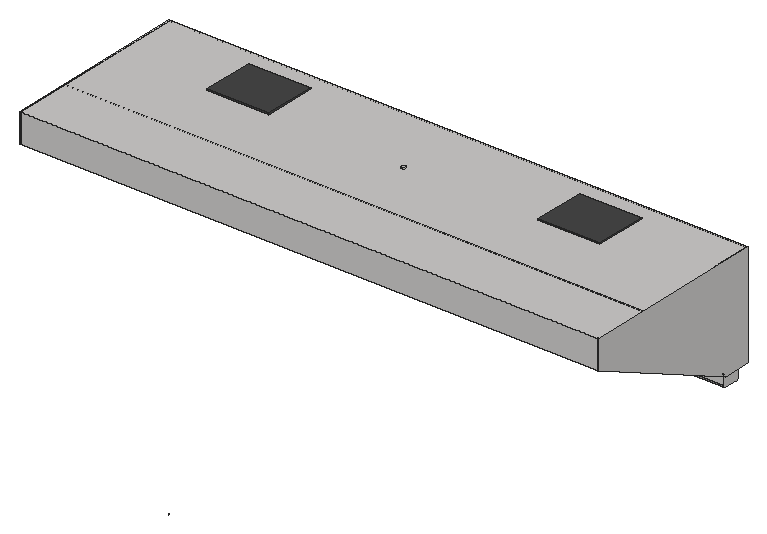
Revit family "QF_ELECTROLUXPROFESSIONAL_644187_AMPV928BT", category Specialty Equipment, Revit 2014
Reference planes
  plane 1: z = 0
  plane 2 "Center (Left/Right)": x = 150
  plane 3 "LEFT": x = -1250
  plane 4 "RIGHT": x = 1550
  plane 5 "BACK": y = 550
  plane 6 "Plane": z = 2000
  plane 7 "TOP": z = 2140
  plane 8 "Base": z = 1640
  plane 9: z = 1566
  plane 10 "DrainY": y = 485
  plane 11: x = -1247
  plane 12: through (0, 414.509, 1640.8) normal (0, 0.7314, 0.682)
  plane 13: y = 470
  plane 14: y = 220
  plane 15 "DrainX": x = 1430
  plane 16: x = -500
  plane 17: x = 800
  plane 18: x = -800
  plane 19: x = 1100
  plane 20: x = 1547
  plane 21: x = 1340
  plane 22: x = 1520
  plane 23: x = -1210
  plane 24: x = -845
  plane 25: x = -450
  plane 26: x = 1510
  plane 27: x = 1145
  plane 28: x = 750
  plane 29: y = -350
  plane 30 "Center (Front/Back)": y = 100
Forms (mm)
  Extrusion 1, solid, material "QF_Finishes_Stainless Steel"
    sketch origin (-1250, 0, 0) x (0, 1, 0) y (0, 0, 1)
      loop
        line (550, 1640) -> (550, 2140) -> (-350, 2140) -> (-350, 2000) -> (415.255, 1640) -> (550, 1640)
    from 0 to 3
  Extrusion 2, solid, material "QF_Finishes_Stainless Steel"
    sketch origin (150, 0, 0) x (0, 1, 0) y (0, 0, 1)
      loop
        line (415.255, 1640) -> (550, 1640) -> (550, 2139.19) -> (549.2, 2139.19) -> (549.2, 1640.8) -> (415.876, 1640.8) -> (339.347, 1722.867) -> (349.609, 1732.436) -> (348.927, 1733.167) -> (337.934, 1722.917) -> (415.255, 1640)
      loop
        line (-82.203, 2139.19) -> (-82.203, 2118.6) -> (-31.047, 2118.6) -> (34.354, 2048.466) -> (46.028, 2059.352) -> (45.346, 2060.083) -> (34.403, 2049.879) -> (-30.612, 2119.6) -> (-81.203, 2119.6) -> (-81.203, 2139.19) -> (-82.203, 2139.19)
    from -1397 to 1397
  Extrusion 3, solid, material "QF_Finishes_Stainless Steel"
    sketch origin (1550, 0, 0) x (0, 1, 0) y (0, 0, 1)
      loop
        line (550, 1640) -> (550, 2140) -> (-350, 2140) -> (-350, 2000) -> (415.255, 1640) -> (550, 1640)
    from 0 to -3
  Extrusion 4, solid, material "QF_Finishes_Stainless Steel"
    sketch origin (150, 0, 0) x (0, 1, 0) y (0, 0, 1)
      loop
        line (-350, 2140) -> (-350, 2000) -> (-349.2, 2000) -> (-349.2, 2139.19) -> (550, 2139.19) -> (550, 2140) -> (-350, 2140)
    from -1400 to 1400
  Extrusion 5, solid, material "QF_Finishes_Stainless Steel"
    sketch origin (150, 0, 0) x (0, 1, 0) y (0, 0, 1)
      loop
        line (534, 1640) -> (436, 1640) -> (436, 1627) -> (443.5, 1627) -> (443.5, 1576)
        arc (443.5, 1576) -> (446.429, 1568.929) -> (453.5, 1566) r 10
        line (453.5, 1566) -> (516.5, 1566)
        arc (516.5, 1566) -> (523.571, 1568.929) -> (526.5, 1576) r 10
        line (526.5, 1576) -> (526.5, 1627) -> (534, 1627) -> (534, 1640)
    from 1190 to 1370
  Extrusion 6, solid, material "QF_Finishes_Stainless Steel"
    sketch origin (0, 0, 1640) x (0, 1, 0) y (-1, 0, 0)
      loop
        circle (485, -1430) r 20
    from -76 to -74
  Extrusion 7, solid, material "QF_Finished_Chrome"
    sketch origin (150, 0, 0) x (0, 1, 0) y (0, 0, 1)
      loop
        line (337.934, 1722.917) -> (341.591, 1726.327) -> (38.011, 2051.876) -> (34.354, 2048.466) -> (337.934, 1722.917)
    from -995 to -1360
  Extrusion 8, solid, material "QF_Finished_Chrome"
    sketch origin (150, 0, 0) x (0, 1, 0) y (0, 0, 1)
      loop
        line (337.934, 1722.917) -> (341.591, 1726.327) -> (38.011, 2051.876) -> (34.354, 2048.466) -> (337.934, 1722.917)
    from 600 to -600
  Extrusion 9, solid, material "QF_Finishes_Stainless Steel"
    sketch origin (150, 0, 0) x (0, 1, 0) y (0, 0, 1)
      loop
        line (337.934, 1722.917) -> (341.591, 1726.327) -> (38.011, 2051.876) -> (34.354, 2048.466) -> (337.934, 1722.917)
    from 1397 to 1360
  Extrusion 10, solid, material "QF_Finishes_Stainless Steel"
    sketch origin (150, 0, 0) x (0, 1, 0) y (0, 0, 1)
      loop
        line (341.588, 1726.324) -> (38.009, 2051.874) -> (34.354, 2048.466) -> (337.934, 1722.917) -> (341.588, 1726.324)
    from -995 to -600
  Extrusion 11, solid, material "QF_Finished_Chrome"
    sketch origin (150, 0, 0) x (0, 1, 0) y (0, 0, 1)
      loop
        line (341.588, 1726.324) -> (38.009, 2051.874) -> (34.354, 2048.466) -> (337.934, 1722.917) -> (341.588, 1726.324)
    from 995 to 1360
  Extrusion 12, solid, material "QF_Finishes_Black"
    sketch origin (0, 0, 2140) x (0, 1, 0) y (-1, 0, 0)
      loop
        line (470, 800) -> (220, 800) -> (220, 500) -> (470, 500) -> (470, 800)
    from 5 to 0
  Extrusion 13, solid, material "QF_Finishes_Black"
    sketch origin (940, 0, 2140) x (0, 1, 0) y (-1, 0, 0)
      loop
        line (470, 140) -> (220, 140) -> (220, -160) -> (470, -160) -> (470, 140)
    from 5 to 0
  Extrusion 14, solid, material "QF_Finishes_Stainless Steel"
    sketch origin (0, 0, 0) x (1, 0, 0) y (0, 1, 0)
      loop
        line (-1250, 550) -> (-1250, 549) -> (-1249, 549) -> (-1249, 550) -> (-1250, 550)
    from 0 to 1
  Extrusion 15, solid, material "QF_Finishes_Stainless Steel"
    sketch origin (150, 0, 0) x (0, 1, 0) y (0, 0, 1)
      loop
        line (337.934, 1722.917) -> (341.591, 1726.327) -> (38.011, 2051.876) -> (34.354, 2048.466) -> (337.934, 1722.917)
    from -1360 to -1397
  Extrusion 16, solid, material "QF_Finishes_Stainless Steel"
    sketch origin (150, 0, 0) x (0, 1, 0) y (0, 0, -1)
      loop
        line (341.588, -1726.324) -> (337.934, -1722.917) -> (34.354, -2048.466) -> (38.009, -2051.874) -> (341.588, -1726.324)
    from -995 to -600
  Extrusion 17, solid, material "QF_Finishes_Stainless Steel"
    sketch origin (0, 0, 2140) x (0, 1, 0) y (-1, 0, 0)
      loop
        circle (220, -150) r 10
    from 0 to 1.6
Cuts and joins
  joined: Extrusion 2, Extrusion 4
Lines and regions (mm)
  reference lines
    curve 1: line (150, 34.354, 2048.466) -> (150, 34.354, 1888.466)
  symbolic lines, style "SpecialityEquipment", detail levels coarse
    curve 2: line (1550, 550, 2140) -> (-1250, 550, 2140)
    curve 3: line (-1250, 550, 2140) -> (-1250, -350, 2140)
    curve 4: line (1550, -350, 2140) -> (1550, 550, 2140)
    curve 5: line (-1250, -350, 2140) -> (1550, -350, 2140)
    curve 6: line (-800, 220, 2140) -> (-500, 220, 2140)
    curve 7: line (-800, 470, 2140) -> (-800, 220, 2140)
    curve 8: line (-500, 470, 2140) -> (-800, 470, 2140)
    curve 9: line (-500, 220, 2140) -> (-500, 470, 2140)
    curve 10: line (800, 470, 2140) -> (800, 220, 2140)
    curve 11: line (800, 220, 2140) -> (1100, 220, 2140)
    curve 12: line (1100, 470, 2140) -> (800, 470, 2140)
    curve 13: line (1100, 220, 2140) -> (1100, 470, 2140)
  symbolic lines, detail levels coarse
    curve 14: line (-1250, -350, 0) -> (1550, 550, 0)
    curve 15: line (1550, -350, 0) -> (-1250, 550, 0)
Dimensions and locks
  plane 3 "LEFT" to plane 4 "RIGHT" = 2800 mm
  equal spacing: plane 3 "LEFT", plane 2 "Center (Left/Right)", plane 4 "RIGHT"
  locked: plane 6 "Plane" to level at 2000
  plane 7 "TOP" to plane 6 "Plane" = 140 mm
  locked: plane 7 "TOP" to plane 8 "Base" at 500
  plane 8 "Base" to plane 9 = 74 mm
  plane 5 "BACK" to plane 10 "DrainY" = 65 mm  (x2)
  plane 3 "LEFT" to plane 11 = 3 mm
  plane 5 "BACK" to plane 13 = 80 mm
  plane 13 to plane 14 = 250 mm  (x2)
  plane 15 "DrainX" to plane 4 "RIGHT" = 120 mm
  locked: plane 16 to plane 17 at 1300
  equal spacing: plane 16, plane 2 "Center (Left/Right)", plane 17
  plane 18 to plane 16 = 300 mm
  plane 17 to plane 19 = 300 mm
  plane 20 to plane 4 "RIGHT" = 3 mm
  locked: plane 21 to plane 15 "DrainX" at 90
  locked: plane 15 "DrainX" to plane 22 at 90
  plane 13 to plane 5 "BACK" = 80 mm
  locked: plane 3 "LEFT" to plane 23 at 40
  locked: plane 23 to plane 24 at 365
  locked: plane 24 to plane 25 at 395
  locked: plane 26 to plane 27 at 365
  locked: plane 27 to plane 28 at 395
  locked: plane 26 to plane 4 "RIGHT" at 40
  plane 25 to plane 28 = 1200 mm
  plane 5 "BACK" to plane 29 = 900 mm  (x2)
  equal spacing: plane 5 "BACK", plane 30 "Center (Front/Back)", plane 29
  plane 14 to plane 29 = 570 mm
  aligned and locked: level to plane 1
  aligned and locked: Extrusion 2 to Extrusion 1
  aligned and locked: Extrusion 2 to Extrusion 3
  aligned and locked: plane 4 "RIGHT" to Extrusion 4
  aligned and locked: Extrusion 4 to plane 3 "LEFT"
  aligned and locked: plane 20 to Extrusion 9
  aligned and locked: plane 18 to Extrusion 12
  aligned and locked: Extrusion 12 to plane 16
  aligned and locked: Extrusion 12 to plane 14
  aligned and locked: Extrusion 12 to plane 13
  aligned and locked: Extrusion 13 to plane 19
  aligned and locked: plane 17 to Extrusion 13
  aligned and locked: Extrusion 2 to Extrusion 4
  aligned and locked: plane 22 to Extrusion 5
  aligned and locked: Extrusion 5 to plane 21
  aligned and locked: Extrusion 9 to plane 26
  aligned and locked: Extrusion 11 to plane 26
  aligned and locked: Extrusion 11 to plane 27
  aligned and locked: Extrusion 8 to plane 28
  aligned and locked: Extrusion 8 to plane 25
  aligned and locked: plane 25 to Extrusion 10
  aligned and locked: Extrusion 10 to plane 24
  aligned and locked: plane 24 to Extrusion 7
  aligned and locked: Extrusion 7 to plane 23
  aligned and locked: Extrusion 15 to plane 11
  aligned and locked: plane 23 to Extrusion 15
  aligned and locked: Extrusion 16 to plane 28
  aligned and locked: Extrusion 16 to plane 27
  aligned and locked: Extrusion 3 to plane 20
Automatic sketch dimensions
  curve 5 to plane 3 "LEFT" = 0 mm
  curve 9 to plane 14 = 0 mm
  curve 10 to plane 14 = 0 mm
  plane 13 to curve 8 = 0 mm
  plane 13 to curve 12 = 0 mm
  curve 3 to plane 5 "BACK" = 0 mm
  curve 5 to plane 4 "RIGHT" = 0 mm
  curve 11 to plane 19 = 0 mm
  curve 10 to plane 17 = 0 mm
  curve 6 to plane 16 = 0 mm
  curve 6 to plane 18 = 0 mm
  Extrusion 2 sketch curve to plane 12 = 0 mm  (x3)
  Extrusion 2 sketch curve to plane 8 "Base" = 0 mm
  plane 12 to Extrusion 2 sketch curve = 0 mm
  Extrusion 2 sketch curve to plane 5 "BACK" = 0 mm
  Extrusion 2 sketch curve to Extrusion 2 sketch curve = 65.646 mm
  Extrusion 2 sketch curve to Extrusion 2 sketch curve = 0.682 mm  (x2)
  Extrusion 2 sketch curve to Extrusion 2 sketch curve = 10.261 mm
  plane 8 "Base" to Extrusion 2 sketch curve = 82.917 mm
  Extrusion 2 sketch curve to Extrusion 2 sketch curve = 10.942 mm
  Extrusion 2 sketch curve to Extrusion 2 sketch curve = 0.049 mm
  Extrusion 2 sketch curve to plane 7 "TOP" = 20.4 mm
  Extrusion 2 sketch curve to plane 7 "TOP" = 21.4 mm
  Extrusion 2 sketch curve to plane 7 "TOP" = 0.81 mm  (x2)
  Extrusion 2 sketch curve to Extrusion 2 sketch curve = 50.156 mm
  Extrusion 2 sketch curve to Extrusion 2 sketch curve = 1 mm
  plane 8 "Base" to Extrusion 2 sketch curve = 0.8 mm
  Extrusion 2 sketch curve to plane 5 "BACK" = 0.8 mm
  Extrusion 4 sketch curve to plane 6 "Plane" = 0 mm
  Extrusion 4 sketch curve to plane 5 "BACK" = 0 mm
  Extrusion 4 sketch curve to plane 7 "TOP" = 0 mm
  Extrusion 4 sketch curve to plane 7 "TOP" = 0.81 mm
  curve 1 to plane 12 = 0 mm
  curve 1 to plane 6 "Plane" = 111.534 mm
  Extrusion 5 sketch curve to plane 8 "Base" = 0 mm
  Extrusion 5 sketch curve to plane 9 = 0 mm
  Extrusion 5 sketch curve to plane 8 "Base" = 13 mm  (x2)
  plane 13 to Extrusion 5 sketch curve = 34 mm
  Extrusion 5 sketch curve to Extrusion 5 sketch curve = 7.5 mm  (x2)
  Extrusion 5 sketch curve to Extrusion 5 sketch curve = 10 mm
  plane 10 "DrainY" to Extrusion 5 sketch curve = 31.5 mm
  Extrusion 5 sketch curve to plane 5 "BACK" = 23.5 mm
  Extrusion 6 sketch curve to plane 10 "DrainY" = 0 mm
  Extrusion 6 sketch curve to plane 15 "DrainX" = 0 mm
  Extrusion 7 sketch curve to plane 12 = 0 mm  (x2)
  Extrusion 7 sketch curve to Extrusion 7 sketch curve = 3.657 mm
  plane 8 "Base" to Extrusion 7 sketch curve = 82.917 mm
  Extrusion 8 sketch curve to plane 12 = 0 mm  (x2)
  Extrusion 8 sketch curve to Extrusion 8 sketch curve = 3.657 mm
  plane 8 "Base" to Extrusion 8 sketch curve = 82.917 mm
  Extrusion 9 sketch curve to plane 12 = 0 mm  (x2)
  Extrusion 9 sketch curve to Extrusion 9 sketch curve = 3.657 mm
  plane 8 "Base" to Extrusion 9 sketch curve = 82.917 mm
  Extrusion 10 sketch curve to plane 12 = 0 mm  (x2)
  Extrusion 10 sketch curve to Extrusion 10 sketch curve = 3.655 mm
  plane 8 "Base" to Extrusion 10 sketch curve = 82.917 mm
  Extrusion 11 sketch curve to plane 12 = 0 mm  (x2)
  Extrusion 11 sketch curve to Extrusion 11 sketch curve = 3.655 mm
  plane 8 "Base" to Extrusion 11 sketch curve = 82.917 mm
  Extrusion 12 sketch curve to plane 14 = 0 mm
  plane 13 to Extrusion 12 sketch curve = 0 mm
  Extrusion 12 sketch curve to plane 16 = 0 mm
  Extrusion 12 sketch curve to plane 18 = 0 mm
  Extrusion 13 sketch curve to plane 14 = 0 mm
  plane 13 to Extrusion 13 sketch curve = 0 mm
  Extrusion 13 sketch curve to plane 19 = 0 mm
  Extrusion 13 sketch curve to plane 17 = 0 mm
  Extrusion 14 sketch curve to plane 3 "LEFT" = 0 mm
  Extrusion 14 sketch curve to plane 5 "BACK" = 0 mm
  plane 3 "LEFT" to Extrusion 14 sketch curve = 1 mm
  Extrusion 14 sketch curve to plane 5 "BACK" = 1 mm
  Extrusion 15 sketch curve to plane 12 = 0 mm  (x2)
  Extrusion 15 sketch curve to Extrusion 15 sketch curve = 3.657 mm
  plane 8 "Base" to Extrusion 15 sketch curve = 82.917 mm
  Extrusion 16 sketch curve to plane 12 = 0 mm  (x2)
  Extrusion 16 sketch curve to Extrusion 16 sketch curve = 3.655 mm
  plane 8 "Base" to Extrusion 16 sketch curve = 82.917 mm
  Extrusion 4 sketch curve to Extrusion 4 sketch curve = 0.8 mm
  curve 5 to plane 29 = 0 mm
  plane 6 "Plane" to Extrusion 2 sketch curve = 48.466 mm
  plane 29 to Extrusion 4 sketch curve = 0.8 mm
  curve 1 to plane 14 = 185.646 mm
  plane 6 "Plane" to Extrusion 7 sketch curve = 51.876 mm
  plane 6 "Plane" to Extrusion 8 sketch curve = 51.876 mm
  plane 6 "Plane" to Extrusion 9 sketch curve = 51.876 mm
  plane 6 "Plane" to Extrusion 10 sketch curve = 51.874 mm
  plane 6 "Plane" to Extrusion 11 sketch curve = 51.874 mm
  plane 6 "Plane" to Extrusion 15 sketch curve = 51.876 mm
  plane 6 "Plane" to Extrusion 16 sketch curve = 51.874 mm
  Extrusion 3 sketch curve to plane 5 "BACK" = 0 mm
  Extrusion 3 sketch curve to plane 7 "TOP" = 0 mm
  Extrusion 3 sketch curve to plane 6 "Plane" = 0 mm
  Extrusion 1 sketch curve to plane 8 "Base" = 0 mm
  plane 12 to Extrusion 1 sketch curve = 0 mm
  Extrusion 1 sketch curve to plane 5 "BACK" = 0 mm
  Extrusion 1 sketch curve to plane 7 "TOP" = 0 mm
  Extrusion 1 sketch curve to plane 29 = 0 mm
  Extrusion 1 sketch curve to plane 6 "Plane" = 0 mm
  Extrusion 3 sketch curve to plane 29 = 0 mm
  Extrusion 3 sketch curve to plane 8 "Base" = 0 mm
  plane 12 to Extrusion 3 sketch curve = 0 mm
  curve 15 to plane 3 "LEFT" = 0 mm
  curve 14 to plane 3 "LEFT" = 0 mm
  curve 15 to plane 4 "RIGHT" = 0 mm
  curve 14 to plane 4 "RIGHT" = 0 mm
  curve 15 to plane 29 = 0 mm
  curve 14 to plane 29 = 0 mm
  curve 15 to plane 5 "BACK" = 0 mm
  curve 14 to plane 5 "BACK" = 0 mm
  Extrusion 17 sketch curve to plane 2 "Center (Left/Right)" = 0 mm
  Extrusion 17 sketch curve to plane 14 = 0 mm
  radius of Extrusion 6 sketch curve = 20 mm
  radius of Extrusion 17 sketch curve = 10 mm
Connectors
  piping at (1430, 485, 1564), diameter 20
    settings: on Extrusion 6, index 1, connector inside diameter 609.6 mm, connector length 0 mm, flow factor 0, pipe flow 0.0 L/s, pressure drop 0.0 Pa, fitting loss kfactor 0, connector angle 0.00°, fixture units 0, engagement length 0 mm, angle of deflection 0.00°, flow configuration 1, flow direction 2, fitting loss method 0, system type 16, joint type 0, gender type 0, connector reference index -1, connector utility 0, adjustable connector no, is connector primary yes, connector description "Drain"
  hvac at (-650, 345, 2145)
    settings: on Extrusion 12, index 2, duct flow 0.0 L/s, flow factor 0, pres drop 0.0 Pa, loss coef 0, conn angle 0.00°, conn width 250 mm, conn height 300 mm, conn diameter 609.6 mm, duct sys type 3, conn prof type 1, flow config 1, flow direction 0, loss method 0, conn ref index -1, conn util no, is conn primary yes, conn desc "EXHAUST OUTLET"
  hvac at (950, 345, 2145)
    settings: on Extrusion 13, index 3, duct flow 0.0 L/s, flow factor 0, pres drop 0.0 Pa, loss coef 0, conn angle 0.00°, conn width 250 mm, conn height 300 mm, conn diameter 609.6 mm, duct sys type 3, conn prof type 1, flow config 1, flow direction 0, loss method 0, conn ref index -1, conn util no, is conn primary no, conn desc "EXHAUST OUTLET"
  electrical at (150, 220, 2140)
    settings: on Extrusion 17, index 4, voltage 0 V, apparent load 0 VA, apparent load phase1 0 VA, apparent load phase2 0 VA, apparent load phase3 0 VA, power factor 1, load classification "Other", number of poles 1, system type 30, power factor state 1, is connector primary yes, connector utility no, sub classification motor no, connector description "Electrical Connection"
